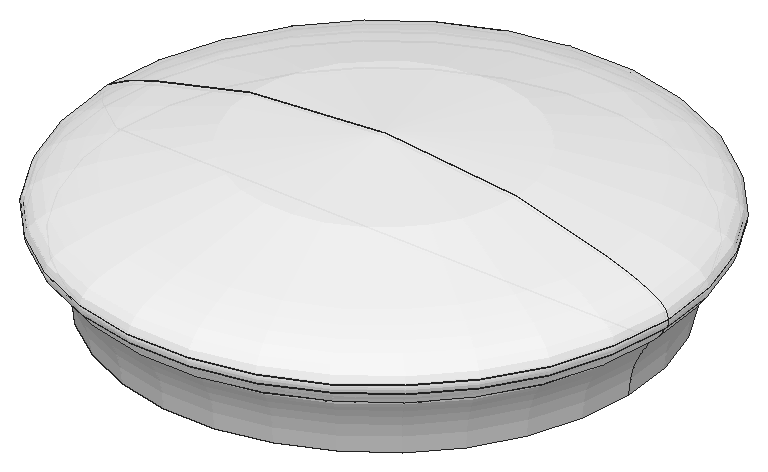
Revit family "0043409", category Lighting Devices, host Face, Revit 2023
Family settings
  Host = Face
  Round Connector Dimension = Use Diameter
  Part Type = Normal
  OmniClass Number = 23.80.70.00
  OmniClass Title = Lighting
  Cut with Voids When Loaded = No
  Maintain Annotation Orientation = No
  Shared = No
  Room Calculation Point = No
Parameters (values of type "START SURFACE IP54 2500-4000 830/840")
  Weight = "1.09 kg"
  Wattage Comments = ""
  WarrantyStartDate [instance] = "n/a"
  WarrantyGuarantorParts = "n/a"
  WarrantyDurationUnit = "Years"
  WarrantyDurationParts = "5"
  WarrantyDescription = "http://www.sylvania-group.com"
  Voltage = 230 V
  URL = "http://www.sylvania-group.com"
  TypeName = "START Surface IP54 - 400mm"
  Type Image = <None>
  Type IFC Predefined Type = "IfcLightFixtureType"
  Type Comments = "n/a"
  SerialNumber [instance] = "n/a"
  Material_3_SYL = none
  PowerFactor = 0.9
  PowerConsumption = "33 W"
  NominalLength = NominalDepth  # 400 mm
  NominalHeight = if(NominalDepth = 300 mm, 94 mm, 105 mm)  # 105 mm
  NominalDepth = 400 mm
  Name = "START SURFACE IP54 2500-4000 830/840"
  ModelReference = Name  # "START SURFACE IP54 2500-4000 830/840"
  ModelNumber = "0043409"
  Model = Name  # "START SURFACE IP54 2500-4000 830/840"
  Material = "Polycarbonate"
  ManufacturerName = Manufacturer  # "Feilo Sylvania"
  Manufacturer = "Feilo Sylvania"
  LuminousEfficacy = "120 lm/W"
  LuminaireType = "Ceiling / surface mounting"
  Light8_4000K_33W [instance] = (LightSettingControl = 8)  # no
  Light7_4000K_29W [instance] = (LightSettingControl = 7)  # no
  Light6_4000K_25W [instance] = (LightSettingControl = 6)  # no
  Light5_4000K_21W [instance] = (LightSettingControl = 5)  # no
  Light4_3000K_33W [instance] = (LightSettingControl = 4)  # no
  Light3_3000K_29W [instance] = (LightSettingControl = 3)  # no
  Light2_3000K_25W [instance] = (LightSettingControl = 2)  # no
  Light1_3000K_21W [instance] = (LightSettingControl = 1)  # yes
  LightSetting [instance] = 1
  LightOutputRatio = ""
  LampsType = Lamp  # "LED"
  LampNominalLuminous = "4000 lm"
  LampMacAdamStep = "6"
  LampColourTemperature = "3000/4000K"
  LampColourRenderingIndex = "80"
  Lamp = "LED"
  Keynote = "16500"
  InstallationDate [instance] = "n/a"
  InputVoltage = "220-240 V"
  InputNominalFrequency = "50/60Hz"
  IngressProtection = "IP54"
  ImpactProtectionIndex = "IK03"
  IfcExportType = "IfcLightFixtureType"
  IfcExportAs = "IfcLightFixtureType"
  Export Type to IFC As = "IfcLightFixtureType"
  ElectricShockClassification = "Class II"
  DocumentationLiterature = "https://www.sylvania-lighting.com/product/en-int/products/0043409/"
  DimmingControlOptions = "n/a"
  Material_2_SYL = PMMA Acrylic_Opal_4000K
  DiffuserRadius = if(NominalDepth = 300 mm, 150 mm, 200 mm)  # 200 mm
  Description = "Ceiling / wall luminaire with integrated LED. Perfect solution for hallways, circulation spaces or foyers. Body Size diameter 400mm. Besa mounting box compatible, hole distance 51 & 78mm. DualTone functionality enables switch between 3000K and 4000K colour temperatures. With the help of DIP Switch multiple lumen outputs can be set up in 4 steps (4000K: 21W 2500lm, 25W 3000lm, 29W 3500lm, 33W 4000lm). Efficacy up to 120lm/W. Non-dimmable. IK03, IP54. Low maintenance with lifespan 120,000 hours L70:B50."
  Default Elevation = 1219.2 mm
  CreatedOn = "27/08/2024"
  CreatedBy = "petra.pavlicz@sylvania-lighting.com"
  Cost = 0
  Coefficient of Utilization [instance] = 0
  ClassificationValue = "EF_70_80"
  ClassificationName = "Uniclass2015"
  Material_1_SYL = PC Polycarbonate_RAL 9003_Signal white
  BottomRadius = if(NominalDepth = 300 mm, 130 mm, 172 mm)  # 172 mm
  BodyRadius = if(NominalDepth = 300 mm, 140 mm, 186 mm)  # 186 mm
  BodyHeight = if(NominalDepth = 300 mm, 30 mm, 39.5 mm)  # 39.5 mm
  BarCode [instance] = "n/a"
  AssetType = "Fixed"
  AssetIdentifier [instance] = "n/a"
  Assembly Code = "D5020200"
  Material_4_SYL = none
  Apparent Load = 36.7 VA
  LightSettingControl [instance] = if(LightSetting < 1, 1, if(LightSetting > 8, 8, LightSetting))  # 1
Reference planes
  plane 1 "Center (Front/Back)": y = 0
  plane 2: z = 0
  plane 3 "Center (Left/Right)": x = 0
  plane 4: y = 200
  plane 5: y = -200
  plane 6: x = -200
  plane 7: x = 200
  plane 8 "Top": z = 105
  plane 9 "Body height": z = 39.5
  plane 10 "Bottom width": x = -172
  plane 11 "Body width": x = -186
  plane 12 "Void": z = 18.7
Forms (mm)
  Extrusion 1, solid, material "PMMA Acrylic_Opal_4000K" <- "Material_2_SYL", detail levels coarse
    sketch origin (0, 0, 0) x (1, 0, 0) y (0, 1, 0)
      loop
        circle (0, 0) r 200
    from 0 to 105
  Revolve 2, solid, material "PC Polycarbonate_RAL 9003_Signal white" <- "Material_1_SYL", detail levels medium+fine
    sketch origin (0, 0, 0) x (1, 0, 0) y (0, 0, 1)
      loop
        line (-172, 0) -> (0, 0) -> (0, 39.5) -> (-186, 39.5)
        spline (-186, 39.5) -> (-186.109, 38.543) -> (-185.648, 37.307) -> (-184.718, 35.748) -> (-183.421, 33.823) -> (-181.858, 31.487) -> (-180.13, 28.698) -> (-178.34, 25.412) -> (-176.588, 21.585) -> (-174.977, 17.174) -> (-173.607, 12.135) -> (-172.581, 6.425) -> (-172, 0)
      axis (0, 39.5) -> (0, 0)
    angle from 0 to 360
  Revolve 3, solid, material "PMMA Acrylic_Opal_4000K" <- "Material_2_SYL", detail levels medium+fine
    sketch origin (0, 0, 0) x (1, 0, 0) y (0, 0, 1)
      loop
        line (-186, 39.5) -> (0, 39.5) -> (0, 41.517) -> (-185.367, 41.517)
        spline (-185.367, 41.517) -> (-186.081, 41.477) -> (-186.74, 41.538) -> (-187.374, 41.722) -> (-188.011, 42.049) -> (-188.68, 42.54) -> (-189.41, 43.216) -> (-190.229, 44.097) -> (-191.166, 45.205) -> (-192.249, 46.561) -> (-193.508, 48.185) -> (-194.971, 50.097) -> (-196.666, 52.32)
        spline (-196.666, 52.32) -> (-196.915, 52.685) -> (-197.139, 53.057) -> (-197.337, 53.435) -> (-197.509, 53.82) -> (-197.655, 54.212) -> (-197.776, 54.611) -> (-197.871, 55.017) -> (-197.94, 55.43) -> (-197.984, 55.85) -> (-198.002, 56.276) -> (-197.994, 56.71) -> (-197.961, 57.15)
        spline (-197.961, 57.15) -> (-195.398, 62.805) -> (-188.98, 67.736) -> (-179.352, 72.201) -> (-167.154, 76.458) -> (-153.031, 80.765) -> (-137.417, 85.26) -> (-120.156, 89.746) -> (-100.985, 93.967) -> (-79.646, 97.664) -> (-55.875, 100.582) -> (-29.414, 102.463) -> (0, 103.051)
        line (0, 103.051) -> (0, 105)
        spline (0, 105) -> (-29.823, 104.298) -> (-56.766, 102.351) -> (-81.045, 99.395) -> (-102.875, 95.668) -> (-122.47, 91.406) -> (-140.044, 86.846) -> (-155.814, 82.225) -> (-169.903, 77.728) -> (-181.929, 73.241) -> (-191.329, 68.543) -> (-197.54, 63.416) -> (-200, 57.64)
        spline (-200, 57.64) -> (-200.022, 57.032) -> (-200.011, 56.433) -> (-199.966, 55.844) -> (-199.886, 55.266) -> (-199.773, 54.697) -> (-199.625, 54.139) -> (-199.444, 53.59) -> (-199.229, 53.052) -> (-198.979, 52.524) -> (-198.696, 52.006) -> (-198.379, 51.498) -> (-198.028, 51)
        spline (-198.028, 51) -> (-196.223, 48.634) -> (-194.666, 46.597) -> (-193.326, 44.869) -> (-192.173, 43.426) -> (-191.175, 42.247) -> (-190.304, 41.308) -> (-189.527, 40.589) -> (-188.815, 40.066) -> (-188.136, 39.718) -> (-187.462, 39.523) -> (-186.76, 39.457) -> (-186, 39.5)
      axis (0, 105) -> (0, 39.5)
    angle from 360 to 0
  Extrusion 4, void
    sketch origin (0, 0, 0) x (1, 0, 0) y (0, 1, 0)
      loop
        circle (0, 0) r 157.5
    from 0 to 18.7
Cuts and joins
  Extrusion 4 cuts Revolve 2
Dimensions and locks
  "NominalDepth": plane 4 to plane 5
  equal spacing: plane 4, plane 1 "Center (Front/Back)", plane 5
  "NominalLength": plane 6 to plane 7
  equal spacing: plane 6, plane 3 "Center (Left/Right)", plane 7
  "NominalHeight": plane 8 "Top" to plane 2
  "BottomRadius": plane 3 "Center (Left/Right)" to plane 10 "Bottom width"
  "BodyRadius": plane 3 "Center (Left/Right)" to plane 11 "Body width"
  "BodyHeight": plane 9 "Body height" to plane 2
  "DiffuserRadius": plane 3 "Center (Left/Right)" to plane 6
  locked: plane 12 "Void" to plane 2 at 18.7
  "NominalDepth": diameter of Extrusion 1 sketch curve
  diameter of cut or joined group of Revolve 2, Extrusion 4 = 315 mm
  aligned and locked: plane 2 to host face
  aligned and locked: level to host face
  aligned and locked: Extrusion 1 to plane 2
  aligned and locked: plane 8 "Top" to Extrusion 1
  aligned and locked: Revolve 2 sketch curve to plane 3 "Center (Left/Right)"
  aligned and locked: Revolve 2 to plane 9 "Body height"
  aligned and locked: Revolve 2 to plane 2
  aligned and locked: plane 10 "Bottom width" to Revolve 2 sketch curve
  aligned and locked: plane 11 "Body width" to Revolve 2 sketch curve
  aligned and locked: Revolve 2 sketch curve to plane 2
  aligned and locked: Revolve 2 sketch curve to plane 9 "Body height"
  aligned and locked: plane 8 "Top" to Revolve 3 sketch curve
  aligned and locked: plane 6 to Revolve 3 sketch curve
  aligned and locked: Revolve 3 sketch curve to plane 9 "Body height"
  aligned and locked: plane 11 "Body width" to Revolve 3 sketch curve
  aligned and locked: cut or joined group of Revolve 2, Extrusion 4 to plane 2
  aligned and locked: cut or joined group of Revolve 2, Extrusion 4 to plane 12 "Void"
  aligned and locked: plane 3 "Center (Left/Right)" to Extrusion 4 sketch curve
  aligned and locked: plane 1 "Center (Front/Back)" to Extrusion 4 sketch curve
  aligned and locked: plane 3 "Center (Left/Right)" to Revolve 3 sketch curve  (x2)
Automatic sketch dimensions
  host sketch curve to host sketch curve = 2438.4 mm  (x2)
  Revolve 2 sketch curve to plane 3 "Center (Left/Right)" = 0 mm
  Revolve 2 sketch curve to level = 609.6 mm
  plane 8 "Top" to Revolve 2 sketch curve = 2515.058 mm
  Revolve 3 sketch curve to plane 3 "Center (Left/Right)" = 0 mm
  plane 6 to Revolve 3 sketch curve = 1.972 mm
  plane 6 to Revolve 3 sketch curve = 2.039 mm
  Revolve 3 sketch curve to Revolve 3 sketch curve = 1.361 mm
  plane 11 "Body width" to Revolve 3 sketch curve = 0.633 mm
  plane 9 "Body height" to Revolve 3 sketch curve = 2.017 mm
  plane 9 "Body height" to Revolve 3 sketch curve = 11.5 mm
  Revolve 3 sketch curve to Revolve 3 sketch curve = 1.32 mm
  Revolve 3 sketch curve to Revolve 3 sketch curve = 4.83 mm
  Revolve 3 sketch curve to Revolve 3 sketch curve = 0.49 mm
  Revolve 3 sketch curve to plane 8 "Top" = 1.949 mm
  Revolve 3 sketch curve to level = 609.6 mm
  Revolve 3 sketch curve to Revolve 3 sketch curve = 2515.058 mm
  plane 1 "Center (Front/Back)" to Extrusion 1 sketch curve = 0 mm
  Extrusion 1 sketch curve to plane 3 "Center (Left/Right)" = 0 mm
  radius of Extrusion 4 sketch curve = 157.5 mm
Nested families
  nested 1: "0043409_3000K_21W_lightsource" at (0, 0, 105) x (-1, 0, 0) z (0, 0, 1), visible <- "Light1_3000K_21W", type "START SURFACE IP54 2500-4000 830/840 lightsource"
    with built-in parameter 1114216 (empty or 0)
  nested 2: "0043409_3000K_25W_lightsource" at (0, 0, 105) x (-1, 0, 0) z (0, 0, 1), visible <- "Light2_3000K_25W", type "START SURFACE IP54 2500-4000 830/840 lightsource"
    with built-in parameter 1114216 (empty or 0)
  nested 3: "0043409_3000K_29W_lightsource" at (0, 0, 105) x (-1, 0, 0) z (0, 0, 1), visible <- "Light3_3000K_29W", type "START SURFACE IP54 2500-4000 830/840 lightsource"
    with built-in parameter 1114216 (empty or 0)
  nested 4: "0043409_3000K_33W_lightsource" at (0, 0, 105) x (-1, 0, 0) z (0, 0, 1), visible <- "Light4_3000K_33W", type "START SURFACE IP54 2500-4000 830/840 lightsource"
    with built-in parameter 1114216 (empty or 0)
  nested 5: "0043409_4000K_21W_lightsource" at (0, 0, 105) x (-1, 0, 0) z (0, 0, 1), visible <- "Light5_4000K_21W", type "START SURFACE IP54 2500-4000 830/840 lightsource"
    with built-in parameter 1114216 (empty or 0)
  nested 6: "0043409_4000K_25W_lightsource" at (0, 0, 105) x (-1, 0, 0) z (0, 0, 1), visible <- "Light6_4000K_25W", type "START SURFACE IP54 2500-4000 830/840 lightsource"
    with built-in parameter 1114216 (empty or 0)
  nested 7: "0043409_4000K_29W_lightsource" at (0, 0, 105) x (-1, 0, 0) z (0, 0, 1), visible <- "Light7_4000K_29W", type "START SURFACE IP54 2500-4000 830/840 lightsource"
    with built-in parameter 1114216 (empty or 0)
  nested 8: "0043409_4000K_33W_lightsource" at (0, 0, 105) x (-1, 0, 0) z (0, 0, 1), visible <- "Light8_4000K_33W", type "START SURFACE IP54 2500-4000 830/840 lightsource"
    with built-in parameter 1114216 (empty or 0)
Connectors
  electrical at (0, 0, 0), driven by "Apparent Load", driven by "PowerFactor", driven by "Voltage"
    settings: index 1, voltage 230 V, apparent load 36.7 VA, apparent load phase1 0 VA, apparent load phase2 0 VA, apparent load phase3 0 VA, power factor 0.9, load classification "Lighting", number of poles 1, system type 30, power factor state 1, is connector primary yes, connector utility no, sub classification motor no, connector description ""
Definition of nested family "0043409_3000K_21W_lightsource"
  Parameters (values of type "START SURFACE IP54 2500-4000 830/840 lightsource")
    Wattage Comments = "n/a"
    Wattage = 21 W
    built-in parameter 1150110 = 1 (stored number, unit not read)
    URL = "http://www.sylvania-lighting.com"
    Type Image = (empty or 0)
    Type Comments = "n/a"
    built-in parameter 1114217 = 1 (stored number, unit not read)
    Tilt Angle = -90.00°
    built-in parameter 1150109 = 1 (stored number, unit not read)
    built-in parameter 1150134 = (empty or 0)
    built-in parameter 1150113 = 1 (stored number, unit not read)
    Photometric Web File = "0043409_3000K_21W.IES"
    built-in parameter 1150142 = "IESNA:LM-63-2002\r\n[TEST] 20231016003M-01\r\n[TESTLAB] \r\n[TESTDATE] 16 Oct 2023\r\n[ISSUEDATE] 16 Oct 2023\r\n[MANUFAC] SYLVANIA\r\n[LUMCAT] 0043409\r\n[LUMINAIRE] START Surface IP44 Multip 4000lm 830 840-3000K 4µµ\r\n[FLASHAREA] 0.030401\r\n[LAMPCAT] LED\r\n[LAMP] LED\r\nTILT=NONE\r\n1 2350.00 1.0 181 4 1 2 -0.400 -0.400 0.000\r\n1.00 1.00 21.00\r\n0.00 1.00 2.00 3.00 4.00 5.00 6.00 7.00 8.00 9.00 10.00 \r\n11.00 12.00 13.00 14.00 15.00 16.00 17.00 18.00 19.00 \r\n20.00 21.00 22.00 23.00 24.00 25.00 26.00 27.00 28.00 \r\n29.00 30.00 31.00 32.00 33.00 34.00 35.00 36.00 37.00 \r\n38.00 39.00 40.00 41.00 42.00 43.00 44.00 45.00 46.00 \r\n47.00 48.00 49.00 50.00 51.00 52.00 53.00 54.00 55.00 \r\n56.00 57.00 58.00 59.00 60.00 61.00 62.00 63.00 64.00 \r\n65.00 66.00 67.00 68.00 69.00 70.00 71.00 72.00 73.00 \r\n74.00 75.00 76.00 77.00 78.00 79.00 80.00 81.00 82.00 \r\n83.00 84.00 85.00 86.00 87.00 88.00 89.00 90.00 91.00 \r\n92.00 93.00 94.00 95.00 96.00 97.00 98.00 99.00 100.00 \r\n101.00 102.00 103.00 104.00 105.00 106.00 107.00 108.00 \r\n109.00 110.00 111.00 112.00 113.00 114.00 115.00 116.00 \r\n117.00 118.00 119.00 120.00 121.00 122.00 123.00 124.00 \r\n125.00 126.00 127.00 128.00 129.00 130.00 131.00 132.00 \r\n133.00 134.00 135.00 136.00 137.00 138.00 139.00 140.00 \r\n141.00 142.00 143.00 144.00 145.00 146.00 147.00 148.00 \r\n149.00 150.00 151.00 152.00 153.00 154.00 155.00 156.00 \r\n157.00 158.00 159.00 160.00 161.00 162.00 163.00 164.00 \r\n165.00 166.00 167.00 168.00 169.00 170.00 171.00 172.00 \r\n173.00 174.00 175.00 176.00 177.00 178.00 179.00 180.00 \r\n0.00 30.00 60.00 90.00 \r\n562.12 561.65 561.65 561.65 560.00 559.53 560.48 559.53 \r\n559.07 557.89 557.19 555.77 554.13 553.43 551.54 549.67 \r\n547.78 546.38 544.97 543.56 540.74 537.92 535.10 532.27 \r\n529.22 524.99 522.88 518.41 515.59 512.07 507.83 503.84 \r\n499.14 495.14 490.44 485.28 480.81 475.88 469.77 464.83 \r\n458.49 453.32 447.21 440.63 434.75 428.41 422.53 415.01 \r\n408.43 400.91 394.57 386.57 379.76 372.48 364.96 356.97 \r\n349.21 340.75 333.23 325.24 316.54 308.32 300.33 292.11 \r\n283.41 274.72 266.25 257.56 249.10 240.64 231.76 223.67 \r\n215.26 207.20 198.81 190.40 182.71 175.33 167.65 160.32 \r\n153.03 146.24 139.68 133.27 127.21 121.10 115.69 110.19 \r\n105.09 100.20 95.90 91.74 87.91 84.51 81.29 78.47 75.79 \r\n73.32 70.97 68.83 67.00 65.35 63.71 62.35 61.17 60.02 \r\n59.03 58.26 57.43 56.73 56.00 55.39 54.85 54.14 53.65 \r\n53.02 52.41 51.77 51.16 50.55 49.98 49.37 48.69 48.01 \r\n47.28 46.60 45.83 45.10 44.27 43.52 42.75 41.92 41.15 \r\n40.28 39.39 38.66 37.86 37.01 36.19 35.30 34.43 33.49 \r\n32.52 31.61 30.71 30.08 29.38 28.65 27.92 27.24 26.56 \r\n25.92 25.31 24.77 24.28 23.76 23.69 23.78 23.71 23.11 \r\n22.43 21.77 21.23 20.69 19.95 19.35 18.62 17.58 16.61 \r\n15.60 14.53 13.30 11.91 10.14 8.71 7.61 6.92 5.62 4.37 \r\n4.36 4.36 \r\n562.12 561.88 561.88 561.65 561.42 561.18 560.71 560.24 \r\n559.30 558.36 557.42 556.25 555.31 553.43 552.25 550.61 \r\n548.49 546.85 544.73 542.38 540.50 537.45 534.63 532.04 \r\n528.75 525.69 522.41 518.88 514.88 511.36 507.37 502.90 \r\n499.14 494.44 489.98 485.28 480.34 475.64 469.77 464.36 \r\n458.72 453.08 447.44 441.57 434.99 428.88 422.06 415.48 \r\n408.43 401.85 394.80 387.52 380.23 372.71 364.96 356.97 \r\n349.21 341.46 333.70 325.71 317.02 308.79 300.56 292.11 \r\n283.88 275.66 267.67 258.97 250.51 242.05 233.26 224.94 \r\n216.48 208.28 200.06 191.95 184.43 176.77 169.25 162.01 \r\n154.96 148.07 141.40 134.87 128.33 122.32 116.40 110.66 \r\n105.59 100.74 96.23 92.17 88.38 84.84 81.66 78.77 76.14 \r\n73.65 71.46 69.37 67.61 65.78 64.23 62.86 61.62 60.44 \r\n59.46 58.49 57.65 56.92 56.24 55.65 55.06 54.57 54.14 \r\n53.72 53.32 52.90 52.50 52.10 51.75 51.35 50.90 50.45 \r\n50.06 49.61 49.23 48.81 48.36 47.92 47.52 47.05 46.51 \r\n45.99 45.38 44.81 44.20 43.50 42.84 42.14 41.43 40.68 \r\n39.95 39.20 38.49 37.69 36.94 36.21 35.53 34.94 34.31 \r\n33.56 32.74 31.94 31.00 29.80 28.53 27.47 26.56 25.62 \r\n24.70 23.81 22.78 21.79 20.75 19.81 18.92 17.95 16.90 \r\n15.54 14.10 12.60 11.33 10.98 9.58 7.88 6.53 4.85 4.45 \r\n4.43 4.41 \r\n562.12 562.12 562.12 561.88 561.65 561.42 560.95 560.48 \r\n559.77 559.07 558.13 557.19 556.01 554.60 553.19 551.78 \r\n550.37 548.96 547.78 545.20 542.62 540.03 537.45 534.63 \r\n531.81 528.51 525.46 522.17 518.41 514.65 510.89 506.89 \r\n502.67 498.20 493.74 489.04 484.33 479.17 474.00 468.83 \r\n463.19 457.55 451.67 445.56 439.45 433.34 426.76 420.18 \r\n413.37 406.55 399.27 391.98 384.93 377.41 369.89 362.13 \r\n354.14 346.39 338.40 330.41 322.19 313.49 305.27 296.81 \r\n288.58 279.88 271.43 262.73 254.27 245.58 237.12 228.54 \r\n220.24 211.78 203.65 195.75 187.98 180.36 173.03 165.79 \r\n158.81 151.90 145.00 138.34 131.65 125.21 118.89 112.92 \r\n107.49 102.32 97.69 93.27 89.30 85.66 82.27 79.15 76.35 \r\n73.77 71.39 69.21 67.33 65.52 63.90 62.44 61.08 59.88 \r\n58.84 57.93 57.06 56.28 55.58 54.94 54.33 53.79 53.32 \r\n52.85 52.43 52.01 51.58 51.18 50.78 50.38 50.01 49.63 \r\n49.26 48.88 48.53 48.10 47.73 47.38 47.02 46.65 46.25 \r\n45.80 45.33 44.79 44.18 43.55 42.93 42.30 41.59 40.87 \r\n40.07 39.29 38.49 37.72 36.90 36.10 35.30 34.52 33.75 \r\n33.09 32.38 31.63 30.81 29.66 28.41 27.00 25.57 24.32 \r\n23.28 22.49 21.86 21.07 20.13 18.99 17.65 16.30 15.01 \r\n13.71 12.47 11.61 11.08 11.03 10.08 7.64 5.73 4.77 4.37 \r\n4.37 4.37 \r\n562.12 562.12 562.12 562.12 561.65 561.65 561.18 560.71 \r\n560.00 559.30 558.36 557.42 556.25 554.84 553.66 552.01 \r\n550.37 548.73 546.61 544.50 542.14 539.79 536.98 534.39 \r\n531.57 528.28 524.99 521.70 518.18 514.42 510.66 506.66 \r\n502.67 498.20 493.74 489.04 484.10 479.17 474.00 468.83 \r\n463.19 457.55 451.91 446.03 439.69 433.57 427.00 420.42 \r\n413.60 406.79 399.97 392.69 385.40 377.88 370.36 362.61 \r\n354.85 347.09 339.11 330.88 322.66 314.19 305.97 297.51 \r\n289.52 281.30 273.07 264.61 255.92 247.46 238.76 230.28 \r\n221.89 213.57 205.23 197.17 189.20 181.68 174.32 167.13 \r\n160.20 153.41 146.43 139.73 133.06 126.64 120.18 113.98 \r\n108.26 102.98 98.09 93.51 89.46 85.73 82.16 79.03 76.07 \r\n73.34 70.92 68.69 66.69 64.81 63.07 61.57 60.25 59.03 \r\n57.90 56.92 56.02 55.18 54.33 53.65 52.99 52.36 51.70 \r\n51.04 50.45 49.84 49.26 48.65 47.99 47.33 46.67 46.04 \r\n45.38 44.65 43.90 43.17 42.46 41.78 41.08 40.42 39.76 \r\n39.08 38.47 37.88 37.27 36.71 36.14 35.58 34.99 34.38 \r\n33.65 32.74 31.84 30.95 30.01 29.14 28.41 27.71 26.98 \r\n26.27 25.54 24.75 24.06 23.36 22.63 21.90 21.19 20.35 \r\n19.64 18.87 18.07 17.34 16.49 15.72 15.13 14.70 13.98 \r\n12.98 11.83 10.52 9.78 9.95 9.41 7.93 6.38 5.14 4.43 4.39 \r\n4.38 \r\n"
    Model = ""
    Manufacturer = "Feilo Sylvania"
    built-in parameter 1150105 = 200.54 (stored number, unit not read)
    Lumens = 2520 lm
    built-in parameter 1150115 = 1 (stored number, unit not read)
    built-in parameter 1150137 = (empty or 0)
    built-in parameter 1150139 = (empty or 0)
    built-in parameter 1150112 = 1 (stored number, unit not read)
    built-in parameter 1150114 = 1 (stored number, unit not read)
    Lamp = "LED"
    Keynote = "16500"
    built-in parameter 1150132 = (empty or 0)
    built-in parameter 1150102 = 120
    built-in parameter 1150107 = 3000 (stored number, unit not read)
    built-in parameter 1150138 = (empty or 0)
    built-in parameter 1150106 = 2.0054 (stored number, unit not read)
    Emit from Circle Diameter = 400 mm  # constant formula
    Emit Shape Visible in Rendering = no
    built-in parameter 1150104 = 11.148 (stored number, unit not read)
    Dimming Lamp Color Temperature Shift = (empty or 0)
    Description = ""
    Default Elevation = 1219.2 mm
    Cost = 0
    Color Filter = 16777215
    built-in parameter 1114216 [instance] = (empty or 0)
    built-in parameter 1114218 = 1 (stored number, unit not read)
    built-in parameter 1150133 = 10 (stored number, unit not read)
    Assembly Code = "D5020200"
    Apparent Load = 0 VA
  Reference planes
    plane 1 "Center (Front/Back)": y = 0
    plane 2: z = 0
    plane 3 "Center (Left/Right)": x = 0
  Forms (mm)
    Extrusion 1, solid
      sketch origin (4.2, 0, 0) x (1, 0, 0) y (0, 1, 0)
        loop
          line (-1219.2, 1219.2) -> (-1219.2, -1219.2) -> (1219.2, -1219.2) -> (1219.2, 1219.2) -> (-1219.2, 1219.2)
      from 0 to -68.017
  Dimensions and locks
    aligned and locked: plane 2 to Extrusion 1
    aligned and locked: level to Extrusion 1
Definition of nested family "0043409_3000K_25W_lightsource"
  Parameters (values of type "START SURFACE IP54 2500-4000 830/840 lightsource")
    Wattage Comments = "n/a"
    Wattage = 25 W
    built-in parameter 1150110 = 1 (stored number, unit not read)
    URL = "http://www.sylvania-lighting.com"
    Type Image = (empty or 0)
    Type Comments = "n/a"
    built-in parameter 1114217 = 1 (stored number, unit not read)
    Tilt Angle = -90.00°
    built-in parameter 1150109 = 1 (stored number, unit not read)
    built-in parameter 1150134 = (empty or 0)
    built-in parameter 1150113 = 1 (stored number, unit not read)
    Photometric Web File = "0043409_3000K_25W.IES"
    built-in parameter 1150142 = "IESNA:LM-63-2002\r\n[TEST] 20231016003M-01\r\n[TESTLAB] \r\n[TESTDATE] 16 Oct 2023\r\n[ISSUEDATE] 16 Oct 2023\r\n[MANUFAC] SYLVANIA\r\n[LUMCAT] 0043409\r\n[LUMINAIRE] START Surface IP44 Multip 4000lm 830 840-3000K 3µµ\r\n[FLASHAREA] 0.030401\r\n[LAMPCAT] LED\r\n[LAMP] LED\r\nTILT=NONE\r\n1 2800.00 1.0 181 4 1 2 -0.400 -0.400 0.000\r\n1.00 1.00 25.00\r\n0.00 1.00 2.00 3.00 4.00 5.00 6.00 7.00 8.00 9.00 10.00 \r\n11.00 12.00 13.00 14.00 15.00 16.00 17.00 18.00 19.00 \r\n20.00 21.00 22.00 23.00 24.00 25.00 26.00 27.00 28.00 \r\n29.00 30.00 31.00 32.00 33.00 34.00 35.00 36.00 37.00 \r\n38.00 39.00 40.00 41.00 42.00 43.00 44.00 45.00 46.00 \r\n47.00 48.00 49.00 50.00 51.00 52.00 53.00 54.00 55.00 \r\n56.00 57.00 58.00 59.00 60.00 61.00 62.00 63.00 64.00 \r\n65.00 66.00 67.00 68.00 69.00 70.00 71.00 72.00 73.00 \r\n74.00 75.00 76.00 77.00 78.00 79.00 80.00 81.00 82.00 \r\n83.00 84.00 85.00 86.00 87.00 88.00 89.00 90.00 91.00 \r\n92.00 93.00 94.00 95.00 96.00 97.00 98.00 99.00 100.00 \r\n101.00 102.00 103.00 104.00 105.00 106.00 107.00 108.00 \r\n109.00 110.00 111.00 112.00 113.00 114.00 115.00 116.00 \r\n117.00 118.00 119.00 120.00 121.00 122.00 123.00 124.00 \r\n125.00 126.00 127.00 128.00 129.00 130.00 131.00 132.00 \r\n133.00 134.00 135.00 136.00 137.00 138.00 139.00 140.00 \r\n141.00 142.00 143.00 144.00 145.00 146.00 147.00 148.00 \r\n149.00 150.00 151.00 152.00 153.00 154.00 155.00 156.00 \r\n157.00 158.00 159.00 160.00 161.00 162.00 163.00 164.00 \r\n165.00 166.00 167.00 168.00 169.00 170.00 171.00 172.00 \r\n173.00 174.00 175.00 176.00 177.00 178.00 179.00 180.00 \r\n0.00 30.00 60.00 90.00 \r\n669.20 669.20 668.92 668.92 668.36 667.80 667.24 666.40 \r\n665.56 664.44 663.32 661.92 660.52 658.84 656.88 654.64 \r\n652.68 650.16 647.64 644.84 642.04 638.96 635.88 632.52 \r\n628.88 624.96 621.04 616.84 612.36 607.88 603.40 598.36 \r\n593.32 588.00 582.68 577.08 571.20 565.60 560.00 553.28 \r\n546.56 539.84 532.84 525.56 518.28 510.72 502.88 494.76 \r\n486.64 478.52 469.84 461.44 452.48 443.52 434.28 425.32 \r\n415.80 406.56 396.76 387.24 377.44 367.64 357.56 347.48 \r\n337.40 327.32 317.24 306.88 296.80 286.72 276.47 266.42 \r\n256.45 246.65 236.77 227.39 217.87 208.74 199.72 190.88 \r\n182.36 174.30 166.26 158.62 151.37 144.37 137.45 131.10 \r\n125.02 119.42 114.21 109.40 105.00 100.83 97.16 93.60 \r\n90.27 87.42 84.67 82.12 79.83 77.90 76.05 74.42 73.00 \r\n71.65 70.50 69.47 68.57 67.73 66.92 66.16 65.44 64.71 \r\n64.04 63.31 62.61 61.91 61.15 60.48 59.81 59.14 58.32 \r\n57.51 56.67 55.78 54.88 53.98 53.03 52.08 51.10 50.15 \r\n49.17 48.19 47.15 46.20 45.22 44.21 43.20 42.14 41.08 \r\n40.04 38.86 37.69 36.74 35.87 35.08 34.24 33.35 32.54 \r\n31.72 30.97 30.24 29.62 29.01 28.42 28.34 28.39 28.28 \r\n27.57 26.77 25.94 25.28 24.62 23.80 22.99 22.19 20.98 \r\n19.75 18.58 17.29 15.83 14.16 12.13 10.44 9.13 8.30 6.76 \r\n5.26 5.26 5.26 \r\n669.20 669.20 669.20 669.20 668.64 668.36 667.80 666.96 \r\n666.12 665.28 664.16 662.76 661.36 659.68 657.72 655.76 \r\n653.80 651.56 649.04 646.24 643.44 640.36 637.28 634.20 \r\n630.56 626.64 622.72 618.52 614.32 609.84 605.36 600.32 \r\n595.56 590.24 584.64 579.04 573.16 567.28 561.12 554.68 \r\n548.24 541.24 534.24 526.96 519.68 512.12 504.28 496.44 \r\n488.32 480.20 471.80 463.40 454.72 445.76 436.52 427.28 \r\n417.76 408.52 399.00 389.48 379.40 369.60 359.52 349.44 \r\n339.64 329.28 319.20 308.84 298.48 288.68 279.05 269.28 \r\n259.28 249.45 239.51 229.74 220.39 211.09 202.19 193.31 \r\n184.94 176.65 168.59 160.80 153.16 145.94 139.02 132.44 \r\n126.39 120.79 115.47 110.68 106.06 101.81 97.97 94.39 \r\n91.22 88.20 85.46 82.80 80.56 78.48 76.64 74.90 73.42 \r\n72.02 70.78 69.69 68.68 67.73 66.98 66.25 65.60 65.04 \r\n64.51 64.01 63.56 63.08 62.58 62.16 61.74 61.29 60.82 \r\n60.31 59.81 59.30 58.80 58.27 57.71 57.20 56.70 56.08 \r\n55.55 54.94 54.26 53.56 52.81 52.02 51.18 50.37 49.53 \r\n48.64 47.80 46.93 46.06 45.19 44.30 43.46 42.67 41.94 \r\n41.19 40.32 39.31 38.30 37.27 35.76 34.36 33.12 31.92 \r\n30.83 29.71 28.64 27.51 26.40 25.16 24.00 22.94 21.82 \r\n20.53 18.88 17.16 15.38 13.82 13.32 11.63 9.63 7.90 5.80 \r\n5.33 5.30 5.28 \r\n669.20 669.48 669.20 669.20 668.92 668.36 667.80 666.96 \r\n666.40 665.28 664.16 663.04 661.64 659.96 658.28 656.32 \r\n654.08 652.12 649.88 647.08 644.28 641.48 638.12 634.76 \r\n631.12 627.48 623.84 619.64 615.44 611.24 606.76 601.72 \r\n596.96 591.92 586.60 580.72 575.12 569.52 563.92 557.48 \r\n551.04 544.60 537.32 530.32 522.76 515.48 507.64 499.80 \r\n491.68 483.56 475.16 466.48 457.52 448.84 439.88 430.64 \r\n421.12 411.88 402.36 392.84 382.76 373.24 363.16 353.08 \r\n343.00 332.92 322.84 312.48 302.40 292.04 281.96 271.82 \r\n261.74 251.94 242.37 232.96 223.80 214.73 206.16 197.40 \r\n189.22 180.91 172.79 164.67 156.83 149.10 141.60 134.40 \r\n127.99 121.80 116.28 110.99 106.37 101.84 97.92 94.30 \r\n90.86 87.84 85.06 82.49 80.14 78.01 76.16 74.42 72.91 \r\n71.46 70.17 69.05 68.01 67.12 66.28 65.55 64.85 64.15 \r\n63.62 63.03 62.50 62.02 61.54 61.07 60.59 60.14 59.67 \r\n59.22 58.77 58.32 57.90 57.40 56.95 56.50 56.08 55.66 \r\n55.19 54.66 54.04 53.40 52.67 51.97 51.18 50.40 49.59 \r\n48.66 47.74 46.79 45.86 44.97 43.99 43.01 42.06 41.10 \r\n40.24 39.42 38.58 37.66 36.60 35.34 33.85 32.20 30.46 \r\n28.95 27.74 26.78 26.04 25.08 23.98 22.56 20.97 19.40 \r\n17.87 16.37 14.87 13.83 13.19 13.15 11.93 9.08 6.89 5.75 \r\n5.26 5.26 5.26 \r\n669.20 669.48 669.48 669.20 668.92 668.64 668.08 667.52 \r\n666.68 665.84 664.72 663.60 662.20 660.80 659.12 657.44 \r\n655.20 652.68 650.44 647.92 645.12 642.32 639.24 635.88 \r\n632.52 628.88 624.96 621.04 616.84 612.36 607.88 603.12 \r\n598.08 593.04 587.72 581.84 576.24 570.36 564.48 558.04 \r\n551.60 544.88 537.88 530.60 523.32 515.76 508.20 500.36 \r\n492.24 484.12 475.72 467.04 458.36 449.68 440.72 431.48 \r\n422.24 412.72 403.48 393.96 384.16 374.08 364.00 354.20 \r\n344.12 333.76 323.68 313.32 303.24 293.44 283.64 273.84 \r\n263.73 253.93 243.99 234.44 225.18 216.16 207.54 198.97 \r\n190.68 182.56 174.36 166.29 158.51 150.75 143.19 135.72 \r\n128.94 122.58 116.76 111.33 106.54 102.03 97.89 94.16 \r\n90.52 87.47 84.56 81.84 79.44 77.28 75.26 73.42 71.79 \r\n70.34 69.02 67.87 66.84 65.86 64.88 64.01 63.22 62.47 \r\n61.68 60.87 60.20 59.50 58.74 58.04 57.29 56.45 55.69 \r\n54.94 54.12 53.28 52.39 51.49 50.68 49.87 49.06 48.24 \r\n47.40 46.65 45.92 45.19 44.46 43.79 43.12 42.42 41.75 \r\n40.99 40.12 39.14 38.08 37.02 35.98 34.92 33.91 33.10 \r\n32.20 31.42 30.58 29.62 28.81 27.98 27.08 26.18 25.29 \r\n24.25 23.44 22.53 21.57 20.66 19.66 18.76 18.03 17.53 \r\n16.67 15.46 14.10 12.56 11.70 11.90 11.24 9.49 7.64 6.16 \r\n5.32 5.28 5.27 \r\n"
    Model = ""
    Manufacturer = "Feilo Sylvania"
    built-in parameter 1150105 = 238.73 (stored number, unit not read)
    Lumens = 3000 lm
    built-in parameter 1150115 = 1 (stored number, unit not read)
    built-in parameter 1150137 = (empty or 0)
    built-in parameter 1150139 = (empty or 0)
    built-in parameter 1150112 = 1 (stored number, unit not read)
    built-in parameter 1150114 = 1 (stored number, unit not read)
    Lamp = "LED"
    Keynote = "16500"
    built-in parameter 1150132 = (empty or 0)
    built-in parameter 1150102 = 120
    built-in parameter 1150107 = 3000 (stored number, unit not read)
    built-in parameter 1150138 = (empty or 0)
    built-in parameter 1150106 = 2.3873 (stored number, unit not read)
    Emit from Circle Diameter = 400 mm  # constant formula
    Emit Shape Visible in Rendering = no
    built-in parameter 1150104 = 11.148 (stored number, unit not read)
    Dimming Lamp Color Temperature Shift = (empty or 0)
    Description = ""
    Default Elevation = 1219.2 mm
    Cost = 0
    Color Filter = 16777215
    built-in parameter 1114216 [instance] = (empty or 0)
    built-in parameter 1114218 = 1 (stored number, unit not read)
    built-in parameter 1150133 = 10 (stored number, unit not read)
    Assembly Code = "D5020200"
    Apparent Load = 0 VA
  Reference planes
    plane 1 "Center (Front/Back)": y = 0
    plane 2: z = 0
    plane 3 "Center (Left/Right)": x = 0
  Forms (mm)
    Extrusion 1, solid
      sketch origin (4.2, 0, 0) x (1, 0, 0) y (0, 1, 0)
        loop
          line (-1219.2, 1219.2) -> (-1219.2, -1219.2) -> (1219.2, -1219.2) -> (1219.2, 1219.2) -> (-1219.2, 1219.2)
      from 0 to -68.017
  Dimensions and locks
    aligned and locked: plane 2 to Extrusion 1
    aligned and locked: level to Extrusion 1
Definition of nested family "0043409_3000K_29W_lightsource"
  Parameters (values of type "START SURFACE IP54 2500-4000 830/840 lightsource")
    Wattage Comments = "n/a"
    Wattage = 29 W
    built-in parameter 1150110 = 1 (stored number, unit not read)
    URL = "http://www.sylvania-lighting.com"
    Type Image = (empty or 0)
    Type Comments = "n/a"
    built-in parameter 1114217 = 1 (stored number, unit not read)
    Tilt Angle = -90.00°
    built-in parameter 1150109 = 1 (stored number, unit not read)
    built-in parameter 1150134 = (empty or 0)
    built-in parameter 1150113 = 1 (stored number, unit not read)
    Photometric Web File = "0043409_4000K_29W.IES"
